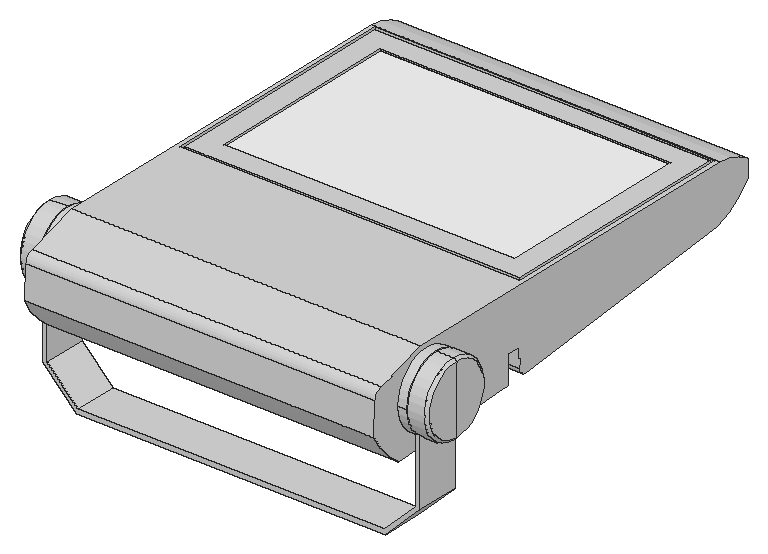
Revit family "0049141 Feilo Sylvania Lighting Fixture SYLVEO LED 8000LM RASYM 4K DALI ", category Lighting Fixtures, host Face, Revit 2017
Family settings
  Host = Face
  Round Connector Dimension = Use Diameter
  Part Type = Normal
  Cut with Voids When Loaded = No
  Light Source = No
  Shared = No
  Room Calculation Point = No
Parameters (values of type "0049141 SYLVEO LED 8000LM RASYM 4K DALI ")
  Weight = "9.082 kg"
  Wattage Comments = "n/a"
  WarrantyStartDate [instance] = "n/a"
  WarrantyGuarantorParts = "n/a"
  WarrantyDurationUnit = "n/a"
  WarrantyDurationParts = "n/a"
  WarrantyDescription = "n/a"
  Voltage = 230 V
  URL = "http://www.sylvania-lighting.com"
  TypeName = "SYLVEO LED 8000LM RASYM 4K DALI"
  TypeBody_FEILO = Sylveo Medium Body : 0049141 SYLVEO LED 8000LM RASYM 4K DALI 
  Type Image = <None>
  Type Comments = "n/a"
  TotalWidth = 290 mm
  TiltAngle [instance] = 0.00°
  StartAngle [instance] = -TiltAngle  # 0.00°
  SerialNumber [instance] = "n/a"
  PowerFactor = 0.95
  PowerConsumption = "80 W"
  NominalWidth = 0 mm
  NominalLength = 66 mm
  NominalHeight = 333 mm
  Name = "SYLVEO LED 8000LM RASYM 4K DALI"
  ModelReference = "SYLVEO LED 8000LM RASYM 4K DALI"
  ModelNumber = "0049141"
  Model = "SYLVEO LED 8000LM RASYM 4K DALI"
  Material_4_FEILO = none
  Material_3_FEILO = none
  Material_2_FEILO = Diffuser-Sylvania-Sylveo-Glow
  Material_1_FEILO = Body-Sylvania-Sylveo-Aluminium
  Material = "aluminum housing, glass diffuser"
  ManufacturerName = "Feilo Sylvania"
  Manufacturer = "Feilo Sylvania"
  LuminousEfficacy = "106.8 lm/W"
  LuminaireType = ""
  LightOutputRatio = "1"
  LampsType = Lamp  # "LED"
  LampNominalLuminous = "8542 lm"
  LampMacAdamStep = "6"
  LampColourTemperature = "4000 K"
  LampColourRenderingIndex = "70"
  Lamp = "LED"
  Keynote = "16500"
  InstallationDate [instance] = "n/a"
  InputVoltage = "100-240V~"
  InputNominalFrequency = "50/60 Hz"
  IngressProtection = "IP66"
  ImpactProtectionIndex = "IK08"
  IfcExportType = "IfcLightFixtureType"
  IfcExportAs = "IfcLightFixtureType"
  HingeHeight = 90 mm
  HingeDia = 52 mm
  ExpectedLife = 50000
  EndAngle [instance] = StartAngle + 180.00°  # 180.00°
  ElectricShockClassification = "Class I"
  DurationUnit = "hours"
  DocumentationLiterature = "http://www.sylvania-lighting.com/product/en-int/products/0049141"
  DimmingControlOptions = "Dimmable"
  Description = "Exterior LED floodlight, comes complete with a 1000mm cable and adjustable bracket, aluminium housing, clear glass diffuser, 8542lm, 80W, 106lm/W, 4000K, 2280mA, CRI70, 52°x117° beam angle, DALI dimmable, IP66, IK08, Class I, 50000hrs, (LxWxD) 66x290x333mm"
  Default Elevation = 1219.2 mm
  CreatedOn = "12/18/2017"
  CreatedBy = ""
  Cost = 0
  built-in parameter 1114216 [instance] = (empty or 0)
  ClassificationValue = "EF_70_80"
  ClassificationName = "Uniclass2015"
  Calculate Coefficient of Utilization = no
  BracketWidth = 37 mm
  BracketThickness = 3 mm
  BracketInnerWidth = 261.3 mm
  BracketFold = 25 mm
  BracketExtrusionStart = -BracketWidth / 2  # -18.5 mm
  BracketExtrusionEnd = BracketWidth / 2  # 18.5 mm
  BarCode [instance] = "n/a"
  AssetType = "Fixed"
  AssetIdentifier [instance] = "n/a"
  Assembly Code = "D5020200"
  Apparent Load = 80 VA
Reference planes
  plane 1 "Center (Front/Back)": y = 0
  plane 2: z = 0
  plane 3 "Center (Left/Right)": x = 0
  plane 4: x = 130.65
  plane 5: x = -130.65
  plane 6: z = 90
  plane 7: x = 145
  plane 8: x = -145
  plane 9: z = 116
  plane 10: z = 64
  plane 11: x = 143
  plane 12: x = -143
  plane 13: x = 133.65
  plane 14: x = -133.65
  plane 15: z = 3
  plane 16: z = 25
  plane 17: x = 108.65
  plane 18: x = -108.65
  plane 19: z = 66
Forms (mm)
  Extrusion 1, solid, material "Body-Sylvania-Sylveo-Aluminium" <- "Material_1_FEILO"
    sketch origin (0, 0, 0) x (1, 0, 0) y (0, 0, 1)
      loop
        line (0, 3) -> (0, 0) -> (109.478, 0) -> (133.65, 24.172) -> (133.65, 90) -> (130.65, 90) -> (130.65, 25) -> (108.65, 3) -> (0, 3)
    from -12.5 to 18.5 <- "BracketExtrusionEnd"
  Extrusion 2, solid, material "Body-Sylvania-Sylveo-Aluminium" <- "Material_1_FEILO"
    sketch origin (0, 0, 0) x (-1, 0, 0) y (0, 0, -1)
      loop
        line (0, -3) -> (108.65, -3) -> (130.65, -25) -> (130.65, -90) -> (133.65, -90) -> (133.65, -24.172) -> (109.478, 0) -> (0, 0) -> (0, -3)
    from -12.5 to 18.5 <- "BracketExtrusionEnd"
  Revolve 3, solid, material "Body-Sylvania-Sylveo-Aluminium" <- "Material_1_FEILO"
    sketch origin (0, 0, 0) x (1, 0, 0) y (0, 0, 1)
      loop
        line (-130.65, 90) -> (-145, 90) -> (-145, 66) -> (-143, 64) -> (-130.65, 64) -> (-130.65, 90)
      axis (-130.65, 90) -> (-145, 90)
    angle from 0 to 360
  Revolve 4, solid, material "Body-Sylvania-Sylveo-Aluminium" <- "Material_1_FEILO"
    sketch origin (0, 0, 0) x (-1, 0, 0) y (0, 0, 1)
      loop
        line (-130.65, 90) -> (-145, 90) -> (-145, 66) -> (-143, 64) -> (-130.65, 64) -> (-130.65, 90)
      axis (-130.65, 90) -> (-145, 90)
    angle from 0 to 360
  Revolve 5, solid, not visible
    sketch origin (181.107, 0, 90) x (1, 0, 0) y (0, 1, 0)
      loop
        line (-191.101, 0) -> (-171.112, 0) -> (-171.112, 10) -> (-191.101, 10) -> (-191.101, 0)
      axis (-171.112, 0) -> (-191.101, 0)
    angle from 0 <- "StartAngle" to 180 <- "EndAngle"
Cuts and joins
  joined: Extrusion 1, Extrusion 2, Revolve 3, Revolve 4
Dimensions and locks
  equal spacing: plane 5, plane 3 "Center (Left/Right)", plane 4
  "BracketInnerWidth": plane 5 to plane 4
  equal spacing: plane 7, plane 3 "Center (Left/Right)", plane 8
  "TotalWidth": plane 7 to plane 8
  "HingeHeight": plane 2 to plane 6
  equal spacing: plane 10, plane 6, plane 9
  "HingeDia": plane 10 to plane 9
  equal spacing: plane 11, plane 3 "Center (Left/Right)", plane 12
  equal spacing: plane 13, plane 3 "Center (Left/Right)", plane 14
  "BracketFold": plane 2 to plane 16
  "BracketThickness": plane 2 to plane 15
  equal spacing: plane 17, plane 3 "Center (Left/Right)", plane 18
  locked: plane 19 to plane 10 at 2
  locked: Revolve 5 sketch curve to Revolve 5 sketch curve at 10
  equal spacing: Revolve 5 sketch curve, plane 3 "Center (Left/Right)", Revolve 5 sketch curve
  locked: Revolve 5 sketch curve to Revolve 5 sketch curve at 19.988
  locked: plane 7 to plane 11 at 2
  "BracketFold": plane 13 to plane 17
  "BracketThickness": plane 4 to plane 13
  aligned and locked: plane 2 to host face
  aligned and locked: level to host face
  aligned and locked: Revolve 3 sketch curve to plane 10
  aligned and locked: Revolve 3 sketch curve to plane 8
  aligned and locked: plane 5 to Revolve 3 sketch curve
  aligned and locked: Revolve 3 sketch curve to plane 6  (x2)
  aligned and locked: Revolve 5 sketch curve to plane 1 "Center (Front/Back)"
  aligned and locked: plane 3 "Center (Left/Right)" to nested 1
Automatic sketch dimensions
  host sketch curve to host sketch curve = 2438.4 mm  (x2)
  Extrusion 1 sketch curve to plane 3 "Center (Left/Right)" = 0 mm  (x2)
  Extrusion 1 sketch curve to level = 0 mm  (x2)
  Extrusion 1 sketch curve to plane 15 = 0 mm
  Extrusion 1 sketch curve to plane 17 = 0 mm
  plane 4 to Extrusion 1 sketch curve = 0 mm
  Extrusion 1 sketch curve to plane 13 = 0 mm  (x2)
  Extrusion 1 sketch curve to plane 6 = 0 mm  (x2)
  Extrusion 1 sketch curve to plane 16 = 0 mm
  plane 17 to Extrusion 1 sketch curve = 0.828 mm
  Extrusion 1 sketch curve to plane 16 = 0.828 mm
  Extrusion 2 sketch curve to plane 3 "Center (Left/Right)" = 0 mm  (x2)
  Extrusion 2 sketch curve to level = 0 mm  (x2)
  Extrusion 2 sketch curve to plane 15 = 0 mm
  plane 18 to Extrusion 2 sketch curve = 0 mm
  plane 5 to Extrusion 2 sketch curve = 0 mm
  plane 14 to Extrusion 2 sketch curve = 0 mm  (x2)
  Extrusion 2 sketch curve to plane 6 = 0 mm  (x2)
  Extrusion 2 sketch curve to plane 16 = 0 mm
  Extrusion 2 sketch curve to plane 18 = 0.828 mm
  plane 16 to Extrusion 2 sketch curve = 0.828 mm
  plane 12 to Revolve 3 sketch curve = 0 mm
  Revolve 3 sketch curve to plane 19 = 0 mm
  plane 8 to Revolve 3 sketch curve = 77.715 mm
  plane 7 to Revolve 3 sketch curve = 78.607 mm
  Revolve 4 sketch curve to plane 6 = 0 mm  (x2)
  Revolve 4 sketch curve to plane 7 = 0 mm
  Revolve 4 sketch curve to plane 10 = 0 mm
  Revolve 4 sketch curve to plane 11 = 0 mm
  plane 4 to Revolve 4 sketch curve = 0 mm
  Revolve 4 sketch curve to plane 19 = 0 mm
  Revolve 4 sketch curve to Revolve 4 sketch curve = 77.715 mm
  Revolve 4 sketch curve to plane 8 = 78.607 mm
  plane 1 "Center (Front/Back)" to Revolve 5 sketch curve = 0 mm
  plane 8 to Revolve 5 sketch curve = 1421.5 mm
  plane 7 to Revolve 5 sketch curve = 1421.5 mm
Nested families
  nested 1: "Sylveo Medium Body" at (0, -47.297, 90), type <- "TypeBody_FEILO", type "0049141 SYLVEO LED 8000LM RASYM 4K DALI "
Connectors
  electrical at (0, 0, 0), driven by "Apparent Load", driven by "Voltage", driven by "PowerFactor"
    settings: index 1, voltage 230 V, apparent load 80 VA, apparent load phase1 0 VA, apparent load phase2 0 VA, apparent load phase3 0 VA, power factor 0.95, load classification "Lighting", number of poles 1, system type 30, power factor state 1, is connector primary yes, connector utility no, sub classification motor no, connector description ""
Definition of nested family "Sylveo Medium Body"
  Parameters (values of type "0049141 SYLVEO LED 8000LM RASYM 4K DALI ")
    Wattage = 80 W
    built-in parameter 1150110 = 1 (stored number, unit not read)
    URL = "http://www.feilosylvania.com"
    Type Comments = "n/a"
    built-in parameter 1114217 = 1 (stored number, unit not read)
    Tilt Angle = -90.00°
    built-in parameter 1150109 = 1 (stored number, unit not read)
    built-in parameter 1150134 = 12
    built-in parameter 1150113 = 1 (stored number, unit not read)
    Photometric Web File = "0049141.ies"
    Model = "SYLVEO LED 8000LM RASYM 4K DALI"
    Material_4_FEILO = none
    Material_3_FEILO = none
    Material_2_FEILO = none
    Material_1_FEILO = none
    Manufacturer = "Feilo Sylvania"
    built-in parameter 1150105 = 4415 (stored number, unit not read)
    Lumens = 8544 lm
    built-in parameter 1150115 = 1 (stored number, unit not read)
    built-in parameter 1150137 = (empty or 0)
    built-in parameter 1150139 = (empty or 0)
    built-in parameter 1150112 = 1 (stored number, unit not read)
    built-in parameter 1150114 = 1 (stored number, unit not read)
    Lamp = "LED"
    Keynote = "16500"
    built-in parameter 1150132 = (empty or 0)
    built-in parameter 1150102 = (empty or 0)
    built-in parameter 1150107 = 4000 (stored number, unit not read)
    built-in parameter 1150138 = (empty or 0)
    built-in parameter 1150106 = 44.15 (stored number, unit not read)
    Emit from Rectangle Width = 138.8 mm
    Emit from Rectangle Length = 206.3 mm
    Emit Shape Visible in Rendering = no
    built-in parameter 1150104 = 9.922 (stored number, unit not read)
    Dimming Lamp Color Temperature Shift = (empty or 0)
    Description = "Exterior LED floodlight, comes complete with a 1000mm cable and adjustable bracket, aluminium housing, clear glass diffuser, 8542lm, 80W, 106lm/W, 4000K, 2280mA, CRI70, 52°x117° beam angle, DALI dimmable, IP66, IK08, Class I, 50000hrs, (LxWxD) 66x290x333mm"
    Default Elevation = 1219.2 mm
    Cost = 0
    Color Filter = 16777215
    built-in parameter 1114218 = 1 (stored number, unit not read)
    built-in parameter 1150133 = 10 (stored number, unit not read)
    Assembly Code = "D5020200"
    Apparent Load = 80 VA
  Types (9, lengths in mm): name | Wattage | built-in parameter 1150134 | Photometric Web File | Model | built-in parameter 1150105 | Lumens | built-in parameter 1150107 | built-in parameter 1150106 | built-in parameter 1150104 | Description | Apparent Load
    0049141 SYLVEO LED 8000LM RASYM 4K DALI | 80 W | 12 | "0049141.ies" | "SYLVEO LED 8000LM RASYM 4K DALI" | 4415 (stored number, unit not read) | 8544 lm | 4000 (stored number, unit not read) | 44.15 (stored number, unit not read) | 9.922 (stored number, unit not read) | "Exterior LED floodlight, comes complete with a 1000mm cable and adjustable bracket, aluminium housing, clear glass diffuser, 8542lm, 80W, 106lm/W, 4000K, 2280mA, CRI70, 52°x117° beam angle, DALI dimmable, IP66, IK08, Class I, 50000hrs, (LxWxD) 66x290x333mm" | 80 VA
    0049140 SYLVEO LED 8000LM WIDE 4K DALI | 81 W | 12 | "0049140.ies" | "SYLVEO LED 8000LM WIDE 4K DALI" | 10450.4 (stored number, unit not read) | 8537.4 lm | 4000 (stored number, unit not read) | 104.5 (stored number, unit not read) | 9.792 (stored number, unit not read) | "Exterior LED floodlight, comes complete with a 1000mm cable and adjustable bracket, aluminium housing, clear glass diffuser, 8541lm, 81W, 105lm/W, 4000K, 2280mA, CRI70, 52° beam angle, DALI dimmable, IP66, IK08, Class I, 50000hrs, (LxWxD) 66x290x333mm" | 81 VA
    0049139 SYLVEO LED 8000LM NAR 4K DALI | 81 W | 12 | "0049139.ies" | "SYLVEO LED 8000LM NAR 4K DALI" | 20285.7 (stored number, unit not read) | 8723.7 lm | 4000 (stored number, unit not read) | 202.86 (stored number, unit not read) | 10.006 (stored number, unit not read) | "Exterior LED floodlight, comes complete with a 1000mm cable and adjustable bracket, aluminium housing, clear glass diffuser, 8721lm, 81, 107lm/W, 4000K, 2280mA, CRI70, 30° beam angle, DALI dimmable, IP66, IK08, Class I, 50000hrs, (LxWxD) 66x290x333mm" | 81 VA
    0049111 SYLVEO LED 8000LM RASYM 3K | 81.5 W | (empty or 0) | "0049111.ies" | "SYLVEO LED 8000LM RASYM 3K" | 4290.9 (stored number, unit not read) | 8304.85 lm | 3000 (stored number, unit not read) | 42.909 (stored number, unit not read) | 9.4668 (stored number, unit not read) | "Exterior LED Floodlight, comes complete with a 1000mm cable and adjustable bracket, aluminium housing, clear glass diffuser, IP66, IK08, Class I, 3000K, Non-dimming, 8305lm, 82W, 102lm/W, 2400mA, CRI70, 52°x117° beam angle, 50000hrs, (LxWxD) 66x290x333mm" | 81.5 VA
    0049110 SYLVEO LED 8000LM WIDE 3K | 81.5 W | (empty or 0) | "0049110.ies" | "SYLVEO LED 8000LM WIDE 3K" | 9790.8 (stored number, unit not read) | 8353.75 lm | 3000 (stored number, unit not read) | 97.908 (stored number, unit not read) | 9.5226 (stored number, unit not read) | "Exterior LED Floodlight, comes complete with a 1000mm cable and adjustable bracket, aluminium housing, clear glass diffuser, IP66, IK08, Class I, 3000K, Non-dimming, 8354lm, 82W, 103lm/W, 2400mA, CRI70, 52° beam angle, 50000hrs, (LxWxD) 66x290x333mm" | 81.5 VA
    0049109 SYLVEO LED 8000LM NAR 3K | 80.7 W | (empty or 0) | "0049109.ies" | "SYLVEO LED 8000LM NAR 3K" | 19830.2 (stored number, unit not read) | 8336.31 lm | 3000 (stored number, unit not read) | 198.3 (stored number, unit not read) | 9.5969 (stored number, unit not read) | "Exterior LED Floodlight, comes complete with a 1000mm cable and adjustable bracket, aluminium housing, clear glass diffuser, IP66, IK08, Class I, 3000K, Non-dimming, 8336lm, 81W, 103lm/W, 2400mA, CRI70, 30° beam angle, 50000hrs, (LxWxD) 66x290x333mm" | 80.7 VA
    0049108 SYLVEO LED 8000LM RASYM 4K | 82.2 W | 12 | "0049108.ies" | "SYLVEO LED 8000LM RASYM 4K" | 4540.1 (stored number, unit not read) | 8787.18 lm | 4000 (stored number, unit not read) | 45.401 (stored number, unit not read) | 9.9313 (stored number, unit not read) | "Exterior LED Floodlight, comes complete with a 1000mm cable and adjustable bracket, aluminium housing, clear glass diffuser, IP66, IK08, Class I, 4000K, Non-dimming, 8787lm, 82W, 107lm/W, 2400mA, CRI70, 52°x117° beam angle, 50000hrs, (LxWxD) 66x290x333mm" | 82.2 VA
    0049107 SYLVEO LED 8000LM WIDE 4K | 82.2 W | 12 | "0049107.ies" | "SYLVEO LED 8000LM WIDE 4K" | 11015.4 (stored number, unit not read) | 8729.64 lm | 4000 (stored number, unit not read) | 110.15 (stored number, unit not read) | 9.8663 (stored number, unit not read) | "Exterior LED Floodlight, comes complete with a 1000mm cable and adjustable bracket, aluminium housing, clear glass diffuser, IP66, IK08, Class I, 4000K, Non-dimming, 8730lm, 82W, 106lm/W, 2400mA, CRI70, 52° beam angle, 50000hrs, (LxWxD) 66x290x333mm" | 82.2 VA
    0049106 SYLVEO LED 8000LM NAR 4K | 80.1 W | 12 | "0049106.ies" | "SYLVEO LED 8000LM NAR 4K" | 21168.1 (stored number, unit not read) | 8554.68 lm | 4000 (stored number, unit not read) | 211.68 (stored number, unit not read) | 9.922 (stored number, unit not read) | "Exterior LED Floodlight, comes complete with a 1000mm cable and adjustable bracket, aluminium housing, clear glass diffuser, IP66, IK08, Class I, 4000K, Non-dimming, 8555lm, 80W, 107lm/W, 2400mA, CRI70, 30° beam angle, 50000hrs, (LxWxD) 66x290x333mm" | 80.1 VA
  Reference planes
    plane 1 "Center (Front/Back)": y = 0
    plane 2: z = 0
    plane 3 "Center (Left/Right)": x = 0
    plane 4: y = 333
    plane 5: y = 47.297
    plane 6: y = 73.469
    plane 7: y = 21.125
    plane 8: x = -130.625
    plane 9: x = 130.625
    plane 10: y = 304.814
    plane 11: y = 135.969
    plane 12: y = 289.814
    plane 13: y = 150.969
    plane 14: x = 103.125
    plane 15: x = -103.125
    plane 16: x = -123.75
    plane 17: x = 123.75
    plane 18: x = -118.594
    plane 19: x = 118.594
    plane 20: y = 322.719
    plane 21: y = 119.719
    plane 22: z = 29.125
    plane 23: z = -36.875
    plane 24: x = -120.75
    plane 25: x = 120.75
    plane 26: y = 306.814
    plane 27: y = 133.969
    plane 28: y = 220.391
  Forms (mm)
    Extrusion 1, solid
      sketch origin (-0.8, 0, 0) x (1, 0, 0) y (0, 1, 0)
        loop
          line (-1219.2, 1219.2) -> (-1219.2, -1219.2) -> (1219.2, -1219.2) -> (1219.2, 1219.2) -> (-1219.2, 1219.2)
      from 0 to -304.8
    Extrusion 2, solid, material <- "Material_1_FEILO"
      sketch origin (0, 0, 0) x (0, 1, 0) y (0, 0, 1)
        loop
          circle (47.297, 0) r 26.026
      from 130.625 to -130.625
    Extrusion 3, solid, material <- "Material_1_FEILO"
      sketch origin (0, 0, 0) x (1, 0, 0) y (0, 1, 0)
        loop
          line (-123.75, 333) -> (-123.75, 0) -> (123.75, 0) -> (123.75, 333) -> (-123.75, 333)
      from 29.125 to -36.875
    Extrusion 4, void, detail levels medium+fine
      sketch origin (0, 0, 0) x (0, 1, 0) y (0, 0, 1)
        loop
          line (42.297, 29.125) -> (0, 29.125) -> (0, -36.875) -> (333, -36.875) -> (333, 29.125) -> (308.414, 29.125)
          arc (308.414, 29.125) -> (320.149, 26.569) -> (330.963, 21.346) r 51.141
          arc (330.963, 21.346) -> (332.019, 20.218) -> (332.403, 18.722) r 3.112
          line (332.403, 18.722) -> (332.403, 7.346)
          arc (332.403, 7.346) -> (319.575, -3.301) -> (304.814, -11.047) r 79.724
          line (304.814, -11.047) -> (135.202, -28.874)
          arc (135.202, -28.874) -> (131.465, -27.731) -> (129.692, -24.25) r 5
          line (129.692, -24.25) -> (128.705, -10.138) -> (119.719, -10.138) -> (119.719, -28.285)
          arc (119.719, -28.285) -> (119.184, -29.635) -> (117.869, -30.252) r 1.971
          line (117.869, -30.252) -> (22.334, -36.171)
          arc (22.334, -36.171) -> (9.868, -24.998) -> (0.544, -11.095) r 67.339
          line (0.544, -11.095) -> (1.881, 11.454)
          arc (1.881, 11.454) -> (3.538, 15.816) -> (7.388, 18.452) r 7.801
          line (7.388, 18.452) -> (42.297, 29.125)
      from 123.75 to -123.75
    Extrusion 5, void
      sketch origin (0, -66.866, 29.125) x (1, 0, 0) y (0, -1, 0)
        loop
          line (-120.75, -373.679) -> (120.75, -373.679) -> (120.75, -200.834) -> (-120.75, -200.834) -> (-120.75, -373.679)
      from 0 to 4
    Extrusion 6, solid, material <- "Material_1_FEILO"
      sketch origin (0, -66.866, 29.125) x (0, -1, 0) y (1, 0, 0)
        loop
          line (-371.679, -118.594) -> (-202.834, -118.594) -> (-202.834, 118.594) -> (-371.679, 118.594) -> (-371.679, -118.594)
        loop
          line (-356.679, -103.125) -> (-217.834, -103.125) -> (-217.834, 103.125) -> (-356.679, 103.125) -> (-356.679, -103.125)
      from 0 to -4
    Extrusion 7, solid, material <- "Material_1_FEILO"
      sketch origin (0, -66.866, 29.125) x (0, -1, 0) y (1, 0, 0)
        loop
          line (-356.679, -103.125) -> (-217.834, -103.125) -> (-217.834, 103.125) -> (-356.679, 103.125) -> (-356.679, -103.125)
      from -3 to -4
    Extrusion 8, solid, material <- "Material_2_FEILO"
      sketch origin (0, -66.866, 29.125) x (0, -1, 0) y (1, 0, 0)
        loop
          line (-217.834, -103.125) -> (-217.834, 103.125) -> (-356.679, 103.125) -> (-356.679, -103.125) -> (-217.834, -103.125)
      from -1 to -2
  Cuts and joins
    Extrusion 4, Extrusion 5 cuts Extrusion 2
    Extrusion 4, Extrusion 5 cuts Extrusion 3
    joined: Extrusion 2, Extrusion 3
    joined: Extrusion 6, Extrusion 7
  Dimensions and locks
    equal spacing: plane 6, plane 5, plane 7
    locked: plane 5 to plane 1 "Center (Front/Back)" at 47.297
    equal spacing: plane 8, plane 3 "Center (Left/Right)", plane 9
    locked: plane 8 to plane 9 at 261.25
    equal spacing: plane 16, plane 3 "Center (Left/Right)", plane 17
    equal spacing: plane 18, plane 3 "Center (Left/Right)", plane 19
    locked: plane 20 to plane 21 at 203
    locked: plane 16 to plane 17 at 247.5
    locked: plane 23 to plane 22 at 66
    locked: plane 22 to plane 2 at 29.125
    locked: plane 18 to plane 19 at 237.187
    locked: plane 15 to plane 14 at 206.25
    locked: plane 1 "Center (Front/Back)" to plane 4 at 333
    locked: plane 4 to plane 20 at 10.281
    locked: plane 10 to plane 11 at 168.845
    locked: plane 1 "Center (Front/Back)" to plane 11 at 135.969
    locked: plane 12 to plane 13 at 138.845
    locked: plane 1 "Center (Front/Back)" to plane 13 at 150.969
    locked: plane 16 to plane 24 at 3
    equal spacing: plane 24, plane 3 "Center (Left/Right)", plane 25
    locked: plane 26 to plane 10 at 2
    locked: plane 11 to plane 27 at 2
    equal spacing: plane 12, plane 28, plane 13, locked at 69.422 each
    aligned and locked: plane 2 to Extrusion 1
    aligned and locked: level to Extrusion 1
    aligned and locked: Extrusion 2 to plane 9
    aligned and locked: plane 8 to Extrusion 2
    aligned and locked: plane 4 to Extrusion 3 sketch curve
    aligned and locked: plane 16 to Extrusion 3 sketch curve
    aligned and locked: Extrusion 3 sketch curve to plane 1 "Center (Front/Back)"
    aligned and locked: plane 17 to Extrusion 3 sketch curve
    aligned and locked: plane 22 to Extrusion 3
    aligned and locked: plane 23 to Extrusion 3
    aligned and locked: Extrusion 4 to plane 16
    aligned and locked: Extrusion 4 to plane 17
    aligned and locked: Extrusion 5 sketch curve to plane 26
    aligned and locked: plane 24 to Extrusion 5 sketch curve
    aligned and locked: plane 27 to Extrusion 5 sketch curve
    aligned and locked: plane 25 to Extrusion 5 sketch curve
    aligned and locked: Extrusion 6 sketch curve to plane 10
    aligned and locked: plane 18 to Extrusion 6 sketch curve
    aligned and locked: plane 11 to Extrusion 6 sketch curve
    aligned and locked: plane 19 to Extrusion 6 sketch curve
    aligned and locked: Extrusion 6 sketch curve to plane 12
    aligned and locked: Extrusion 6 sketch curve to plane 15
    aligned and locked: plane 13 to Extrusion 6 sketch curve
    aligned and locked: Extrusion 6 sketch curve to plane 14
    aligned and locked: Extrusion 7 sketch curve to Extrusion 6  (x4)
    aligned and locked: cut or joined group of Extrusion 2, Extrusion 3, Extrusion 4, Extrusion 5 to Extrusion 7
    aligned and locked: Extrusion 8 sketch curve to Extrusion 6  (x4)
    aligned and locked: imposter light to plane 3 "Center (Left/Right)"
    aligned and locked: imposter light to plane 22
  Automatic sketch dimensions
    Extrusion 1 sketch curve to Extrusion 1 sketch curve = 2438.4 mm  (x2)
    Extrusion 2 sketch curve to level = 0 mm
    Extrusion 2 sketch curve to plane 5 = 0 mm
    Extrusion 4 sketch curve to plane 1 "Center (Front/Back)" = 0 mm
    Extrusion 4 sketch curve to plane 22 = 0 mm  (x2)
    Extrusion 4 sketch curve to plane 21 = 0 mm
    Extrusion 4 sketch curve to plane 10 = 0 mm
    Extrusion 4 sketch curve to plane 4 = 0 mm
    plane 23 to Extrusion 4 sketch curve = 0 mm
    Extrusion 4 sketch curve to plane 1 "Center (Front/Back)" = 0.544 mm
    Extrusion 4 sketch curve to plane 1 "Center (Front/Back)" = 1.881 mm
    Extrusion 4 sketch curve to plane 1 "Center (Front/Back)" = 7.388 mm
    Extrusion 4 sketch curve to Extrusion 4 sketch curve = 2.281 mm
    plane 7 to Extrusion 4 sketch curve = 1.209 mm
    Extrusion 4 sketch curve to plane 5 = 5 mm
    Extrusion 4 sketch curve to plane 6 = 12.772 mm
    Extrusion 4 sketch curve to plane 21 = 1.971 mm
    Extrusion 4 sketch curve to plane 21 = 1.849 mm
    Extrusion 4 sketch curve to plane 11 = 7.264 mm
    Extrusion 4 sketch curve to plane 11 = 6.277 mm
    Extrusion 4 sketch curve to plane 11 = 1.289 mm
    Extrusion 4 sketch curve to plane 11 = 0.767 mm
    Extrusion 4 sketch curve to plane 12 = 14.463 mm
    Extrusion 4 sketch curve to plane 10 = 1.343 mm
    plane 4 to Extrusion 4 sketch curve = 3.71 mm
    plane 4 to Extrusion 4 sketch curve = 0.597 mm
    Extrusion 4 sketch curve to plane 23 = 0.704 mm
    Extrusion 4 sketch curve to plane 23 = 6.623 mm
    Extrusion 4 sketch curve to plane 23 = 8.001 mm
    Extrusion 4 sketch curve to Extrusion 4 sketch curve = 4.624 mm
    Extrusion 4 sketch curve to plane 23 = 15.098 mm
    Extrusion 4 sketch curve to level = 11.095 mm
    Extrusion 4 sketch curve to Extrusion 4 sketch curve = 10.73 mm
    Extrusion 4 sketch curve to level = 10.138 mm
    level to Extrusion 4 sketch curve = 7.346 mm
    level to Extrusion 4 sketch curve = 10.992 mm
    Extrusion 4 sketch curve to Extrusion 4 sketch curve = 0.462 mm
    Extrusion 4 sketch curve to plane 22 = 10.403 mm
    plane 10 to Extrusion 4 sketch curve = 3.6 mm
    radius of Extrusion 2 sketch curve = 26.026 mm
